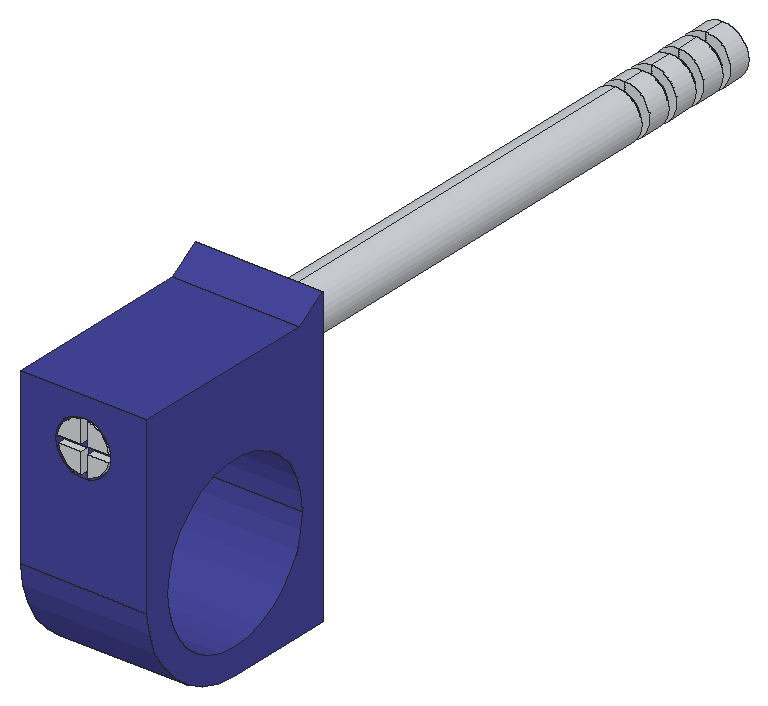
Revit family "PA_SEQ_BuddyBat_20mm", category Pipe Accessories, Revit 2016
Family settings
  Part Type = Normal
  Round Connector Dimension = Use Diameter
  Work Plane-Based = No
  Always vertical = Yes
  Cut with Voids When Loaded = No
  Shared = No
Parameters (values of type "20mm BuddyBats")
  URL for TCP = "http://www.tcpbim.co.za"
  URL = "https://seaqual.co.za/collections/all"
  Type Comments = "BuddyBats 22mm"
  Model = "20mm BuddyBats"
  Manufacturer = "Seaqual"
  Made by = "Tolani Civil Projects cc"
  Blue Plastic = Blue Plastic
  BuddyBat Height = 600 mm
  ASAQS Code = "1.110.95"
Reference planes
  plane 1 "Center (Front/Back)": y = 0
  plane 2: z = 0
  plane 3 "Center (Left/Right)": x = 0
  plane 4: z = 600
  plane 5: x = -7.5
  plane 6: x = 7.5
  plane 7: z = 614.875
  plane 8: y = 70
  plane 9: z = 617.875
  plane 10: z = 611.875
  plane 11: y = 66
  plane 12: y = 62
  plane 13: y = 58
  plane 14: y = 54
  plane 15: y = -19.375
  plane 16: y = -24.98
Forms (mm)
  Extrusion 1, solid, material "Blue Plastic" <- "Blue Plastic"
    sketch origin (0, 0, 0) x (0, 1, 0) y (0, 0, 1)
      loop
        circle (-13, 600) r 10
      loop
        line (0, 586.995) -> (0, 621.995) -> (-3.464, 619.75) -> (-25.98, 619.75) -> (-25.98, 599.277)
        arc (-25.98, 599.277) -> (-21.933, 590.556) -> (-13, 587) r 13
        line (-13, 587) -> (0, 586.995)
    from -7.5 to 7.5
  Revolve 2, solid
    sketch origin (0, 0, 0) x (0, 1, 0) y (0, 0, 1)
      loop
        line (0, 617.875) -> (0, 614.875) -> (70, 614.875) -> (68.537, 617.875) -> (66, 617.875) -> (66, 616.617) -> (64.742, 617.875) -> (62, 617.875) -> (62, 616.617) -> (60.742, 617.875) -> (58, 617.875) -> (58, 616.617) -> (56.742, 617.875) -> (54, 617.875) -> (54, 616.617) -> (52.742, 617.875) -> (0, 617.875)
      axis (0, 614.875) -> (70, 614.875)
    angle from 0 to 360
  Extrusion 3, void
    sketch origin (0, 0, 0) x (1, 0, 0) y (0, 0, 1)
      loop
        circle (0, 614.158) r 3.256
    from 24.98 to 25.98
  Extrusion 4, solid
    sketch origin (0, 0, 0) x (1, 0, 0) y (0, 0, 1)
      loop
        arc (-0.294, 617.189) -> (-2.144, 616.321) -> (-3.022, 614.476) r 3.03
        line (-3.022, 614.476) -> (-0.294, 614.476) -> (-0.294, 617.189)
      loop
        arc (0.5, 611.212) -> (2.122, 612.046) -> (2.966, 613.664) r 3.012
        line (2.966, 613.664) -> (0.5, 613.664) -> (0.5, 611.212)
      loop
        line (0.5, 617.16) -> (0.5, 614.476) -> (2.996, 614.476)
        arc (2.996, 614.476) -> (2.202, 616.24) -> (0.5, 617.16) r 3.018
      loop
        arc (-2.998, 613.664) -> (-2.07, 611.971) -> (-0.294, 611.215) r 2.948
        line (-0.294, 611.215) -> (-0.294, 613.664) -> (-2.998, 613.664)
    from 24.98 to 25.98
Cuts and joins
  Extrusion 3 cuts Extrusion 1
Dimensions and locks
  "BuddyBat Height": plane 4 to plane 2
  locked: plane 5 to plane 3 "Center (Left/Right)" at 7.5
  locked: plane 6 to plane 3 "Center (Left/Right)" at 7.5
  locked: plane 8 to Extrusion 1 at 70
  plane 10 to plane 7 to plane 9 = 3 mm locked, 3 mm locked
  Revolve 2 sketch curve to Revolve 2 sketch curve to Revolve 2 sketch curve to Revolve 2 sketch curve to plane 9 = 0 mm locked, 0 mm locked, 0 mm locked, 1.258 mm locked
  plane 15 to Extrusion 1 = 6.605 mm
  plane 7 to plane 4 = 14.875 mm
  plane 1 "Center (Front/Back)" to Extrusion 1 sketch curve = 13 mm
  plane 1 "Center (Front/Back)" to Extrusion 1 sketch curve = 3 mm
  locked: plane 1 "Center (Front/Back)" to Extrusion 1 sketch curve at 25.98
  Extrusion 1 sketch curve to Extrusion 1 sketch curve to Extrusion 1 sketch curve = 32.755 mm locked, 2.245 mm locked
  Extrusion 1 sketch curve to Extrusion 1 sketch curve = 13.005 mm
  cut or joined group of Extrusion 1, Extrusion 3 to cut or joined group of Extrusion 1, Extrusion 3 = 1 mm
  locked: plane 16 to cut or joined group of Extrusion 1, Extrusion 3 at 1
  equal spacing: cut or joined group of Extrusion 1, Extrusion 3, plane 7, cut or joined group of Extrusion 1, Extrusion 3
  aligned and locked: level to plane 2
  aligned and locked: plane 5 to Extrusion 1
  aligned and locked: Extrusion 1 to plane 6
  aligned and locked: plane 9 to Revolve 2 sketch curve
  aligned and locked: plane 1 "Center (Front/Back)" to Revolve 2 sketch curve
  aligned and locked: plane 7 to Revolve 2 sketch curve
  aligned and locked: Revolve 2 sketch curve to plane 9  (x3)
  aligned and locked: Revolve 2 sketch curve to plane 8
  aligned and locked: plane 11 to Revolve 2 sketch curve
  aligned and locked: plane 12 to Revolve 2 sketch curve
  aligned and locked: plane 13 to Revolve 2 sketch curve
  aligned and locked: plane 14 to Revolve 2 sketch curve
  aligned and locked: Revolve 2 sketch curve to plane 7
  aligned and locked: cut or joined group of Extrusion 1, Extrusion 3 to Extrusion 4  (x2)
  aligned and locked: cut or joined group of Extrusion 1, Extrusion 3 to cut or joined group of Extrusion 1, Extrusion 3
  aligned and locked: plane 16 to cut or joined group of Extrusion 1, Extrusion 3
Automatic sketch dimensions
  plane 8 to Revolve 2 sketch curve = 1.463 mm
  Revolve 2 sketch curve to Revolve 2 sketch curve = 1.258 mm  (x4)
  plane 9 to Revolve 2 sketch curve = 0 mm
  plane 1 "Center (Front/Back)" to Revolve 2 sketch curve = 26.139 mm
  Revolve 2 sketch curve to Revolve 2 sketch curve = 27.51 mm
  Extrusion 3 sketch curve to plane 3 "Center (Left/Right)" = 0 mm
  plane 7 to Extrusion 3 sketch curve = 0.717 mm
  Extrusion 4 sketch curve to Extrusion 4 sketch curve = 0.084 mm  (x2)
  Extrusion 4 sketch curve to Extrusion 4 sketch curve = 0.016 mm
  plane 7 to Extrusion 4 sketch curve = 0.719 mm
  Extrusion 4 sketch curve to plane 3 "Center (Left/Right)" = 0.002 mm
  plane 3 "Center (Left/Right)" to Extrusion 4 sketch curve = 2.996 mm
  Extrusion 4 sketch curve to Extrusion 4 sketch curve = 0.003 mm
  Extrusion 4 sketch curve to plane 3 "Center (Left/Right)" = 0.294 mm  (x2)
  plane 3 "Center (Left/Right)" to Extrusion 4 sketch curve = 0.5 mm  (x2)
  plane 7 to Extrusion 4 sketch curve = 0.399 mm  (x2)
  plane 7 to Extrusion 4 sketch curve = 1.211 mm
  Extrusion 4 sketch curve to Extrusion 4 sketch curve = 0.006 mm
  Extrusion 4 sketch curve to Extrusion 4 sketch curve = 0.508 mm
  Extrusion 4 sketch curve to Extrusion 4 sketch curve = 0.009 mm
  Extrusion 4 sketch curve to Extrusion 4 sketch curve = 2.705 mm
  Extrusion 4 sketch curve to Extrusion 4 sketch curve = 0.024 mm
  Extrusion 4 sketch curve to Extrusion 4 sketch curve = 0.03 mm
  Extrusion 1 sketch curve to Extrusion 1 sketch curve = 0 mm  (x2)
  Extrusion 1 sketch curve to plane 4 = 0 mm
  Extrusion 1 sketch curve to plane 1 "Center (Front/Back)" = 0 mm
  plane 1 "Center (Front/Back)" to Extrusion 1 sketch curve = 3.464 mm
  Extrusion 1 sketch curve to plane 15 = 6.375 mm
  Extrusion 1 sketch curve to Extrusion 1 sketch curve = 12.282 mm
  plane 1 "Center (Front/Back)" to Extrusion 1 sketch curve = 13 mm
  radius of Extrusion 3 sketch curve = 3.256 mm
